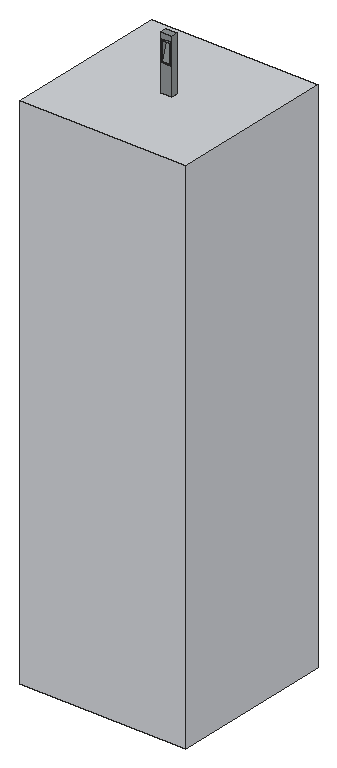
Revit family "Световой боллард Акцент", category Осветительные приборы, Revit 2018 (continued)
Definition of nested family "GALAD Акцент LED под анкер"
  Types (2, lengths in mm): name | Photometric Web File | built-in parameter 1150105 | Lumens | built-in parameter 1150106 | built-in parameter 1150142 | Wattage | ADSK_Наименование краткое | ADSK_Наименование | ADSK_Марка
    Световой боллард "Акцент" LED-15/727/YW360F  в комплекте с анкерной закладной | "Akcent LED-10.ies" | 29.16 (stored number, unit not read) | 30 lm | 0.2916 (stored number, unit not read) | "IESNA:LM-63-2002\r\n[TEST] Акцент LED-10 Боллард для ландшафтного и садовопаркового сегмента\r\n[TESTLAB] GALAD(ЛЗСИ) \r\n[ISSUEDATE] 16/12/2021\r\n[MANUFAC] GALAD \r\n[LUMCAT] Акцент LED-10 (730/RAL7040/0/900/GEN1)\r\n[LUMINAIRE] \r\n[LAMPCAT] COB 730\r\n[LAMP] LED Citizen \r\n[OTHER] CCT=3000K, CRI=70, RG1\r\nTILT=NONE\r\n1 450 1.6 91 37 1 2 0.140 0.090 0.200\r\n1 1 9\r\n0 2 4 6 8 10 12 14 16 18 20 22 24 26 28 30 32 34 36 38 40 42 44 46 48 50 52 \r\n54 56 58 60 62 64 66 68 70 72 74 76 78 80 82 84 86 88 90 92 94 96 98 100 102 \r\n104 106 108 110 112 114 116 118 120 122 124 126 128 130 132 134 136 138 140 \r\n142 144 146 148 150 152 154 156 158 160 162 164 166 168 170 172 174 176 178 \r\n180 \r\n0 5 10 15 20 25 30 35 40 45 50 55 60 65 70 75 80 85 90 95 100 105 110 115 120 \r\n125 130 135 140 145 150 155 160 165 170 175 180 \r\n0.02 0.08 0.21 0.39 0.62 2.18 8.22 21.48 67.09 248.6 394.3 415.7 417.1 413.5 \r\n422.6 428.2 430.6 429.8 425.6 418.7 408.7 397.1 383.3 368.1 351.2 333.8 315.3 \r\n296.7 277.8 259.1 240.1 222.2 204.4 187.5 171.4 156.7 142.2 128.8 116.6 105.2 \r\n94.8 85.1 76.26 67.71 59.81 52.18 46.14 42.37 39.57 38.01 36.45 34.46 31.53 \r\n28.06 25.19 22.65 20.51 18.61 16.93 15.41 14.09 12.86 11.74 10.73 9.8 8.95 8.15 \r\n7.43 6.75 6.13 5.55 5.02 4.51 4.06 3.63 3.23 2.85 2.52 2.19 1.9 1.63 1.39 1.15 \r\n0.95 0.76 0.56 0.34 0.18 0.04 0.01 0.01 \r\n0.02 0.07 0.21 0.39 0.62 2.13 8.16 21.38 65.89 245.3 398.8 422.35 424.15 420 \r\n428.05 433.5 435.6 434.25 429.7 422.3 411.9 399.7 385.4 369.7 352.5 334.8 315.85 \r\n297.05 278 259.1 239.95 222 204.2 187.3 171.15 156.35 141.85 128.4 116.25 104.75 \r\n94.35 84.6 75.74 67.14 59.24 51.67 45.71 41.97 39.17 37.65 36.09 34.11 31.17 \r\n27.75 24.93 22.43 20.34 18.48 16.83 15.33 14.04 12.82 11.73 10.73 9.81 8.96 \r\n8.18 7.47 6.79 6.17 5.59 5.06 4.55 4.1 3.67 3.27 2.89 2.55 2.22 1.93 1.65 1.4 \r\n1.17 0.96 0.77 0.56 0.34 0.18 0.04 0.01 0.01 \r\n0.02 0.08 0.21 0.4 0.62 1.95 7.78 20.39 60.19 226.5 397.95 427.4 430.4 424.2 \r\n431.3 436 437.4 435.35 429.95 421.65 410.3 397.2 382.2 365.75 348.05 329.95 \r\n310.85 292 272.95 254.15 235.2 217.6 199.95 183.3 167.5 152.95 138.65 125.3 \r\n113.35 101.95 91.7 82.05 73.12 64.6 56.79 49.47 43.92 40.35 37.66 36.26 34.78 \r\n32.9 30.04 26.84 24.2 21.86 19.88 18.1 16.53 15.1 13.85 12.68 11.61 10.64 9.74 \r\n8.91 8.14 7.45 6.78 6.17 5.59 5.07 4.57 4.12 3.69 3.29 2.91 2.57 2.24 1.95 1.67 \r\n1.41 1.17 0.97 0.77 0.56 0.34 0.17 0.04 0.01 0.01 \r\n0.02 0.07 0.21 0.38 0.62 1.6 7.05 18.43 50.74 189.6 383.75 425.15 429.2 422 \r\n425.25 428.6 428 423.75 415.9 405.4 392.05 377.65 361.65 344.8 327 309.3 290.85 \r\n272.8 254.7 236.95 219.2 202.6 186.05 170.4 155.5 141.8 128.35 115.8 104.45 \r\n93.6 83.75 74.65 66.18 58.14 50.97 44.52 39.75 36.67 34.35 33.28 32.03 30.41 \r\n27.83 25.13 22.84 20.78 19 17.38 15.94 14.6 13.43 12.32 11.32 10.4 9.53 8.74 \r\n7.99 7.32 6.68 6.09 5.53 5.01 4.53 4.09 3.66 3.27 2.89 2.56 2.23 1.93 1.66 1.4 \r\n1.17 0.96 0.76 0.54 0.33 0.17 0.04 0.01 0.01 \r\n0.02 0.07 0.2 0.38 0.61 1.12 5.93 15.47 39.51 139.7 347 411.3 417.45 411.3 406.95 \r\n405.3 399.65 391 379.85 367.25 352.65 338.05 322.3 306.4 289.75 273.45 256.7 \r\n240.3 224.05 208.15 192.2 177.3 162.5 148.5 135.1 122.85 110.8 99.55 89.4 79.7 \r\n70.9 62.8 55.44 48.64 42.69 37.59 33.79 31.5 29.77 29.15 28.2 26.94 24.92 22.87 \r\n21.04 19.32 17.8 16.38 15.1 13.89 12.83 11.81 10.89 10.01 9.2 8.47 7.76 7.12 \r\n6.5 5.93 5.41 4.91 4.43 4.01 3.6 3.21 2.85 2.52 2.2 1.91 1.64 1.39 1.16 0.95 \r\n0.75 0.52 0.31 0.15 0.03 0.01 0.01 \r\n0.02 0.06 0.19 0.37 0.58 0.9 4.63 12.23 29 88.5 266.35 357.25 366.5 362.45 354.15 \r\n347.45 338.7 329.05 317.7 306.15 293.25 280.5 266.95 253.25 239.1 225.3 211.05 \r\n197.3 183.65 170.3 157 144.6 132.25 120.65 109.65 99.5 89.5 80.2 71.85 63.9 \r\n56.85 50.4 44.69 39.53 35.22 31.32 28.41 26.81 25.6 25.22 24.5 23.48 22 20.47 \r\n19.04 17.64 16.36 15.15 14.05 12.98 12.04 11.12 10.29 9.49 8.76 8.07 7.41 6.82 \r\n6.24 5.7 5.2 4.73 4.28 3.88 3.47 3.11 2.76 2.44 2.13 1.86 1.59 1.35 1.12 0.92 \r\n0.73 0.49 0.29 0.14 0.02 0.01 0.01 \r\n0.02 0.06 0.19 0.34 0.56 0.86 3.34 9.11 20.18 48.6 137.1 207.6 221.55 222.35 \r\n218.2 214.75 209.45 204.1 198.2 192.2 185.15 177.8 170.35 162.75 154.65 146.85 \r\n138.25 130.25 122.1 114.05 106 98.55 90.9 83.7 76.7 70.25 63.85 57.85 52.55 \r\n47.45 43 38.9 35.29 32.03 29.17 26.38 24.32 23.16 22.3 21.98 21.38 20.51 19.38 \r\n18.2 17.06 15.92 14.86 13.84 12.9 11.98 11.15 10.35 9.6 8.89 8.22 7.59 6.99 \r\n6.45 5.91 5.42 4.95 4.51 4.09 3.7 3.33 2.97 2.64 2.34 2.05 1.78 1.53 1.3 1.08 \r\n0.89 0.68 0.45 0.26 0.12 0.01 0.01 0.01 \r\n0.02 0.06 0.17 0.32 0.52 0.79 2.12 6.3 13.34 26 51.8 78.45 93.05 99.15 100 98.8 \r\n97.65 96.25 94.6 92.8 90.65 88.3 85.75 82.85 79.9 76.85 73.6 70.55 67.25 63.95 \r\n60.65 57.45 54.1 50.9 47.7 44.75 41.85 39.1 36.55 34.05 31.8 29.7 27.82 25.95 \r\n24.17 22.39 21.05 20.13 19.5 19.18 18.64 17.86 16.95 15.99 15.07 14.15 13.27 \r\n12.43 11.64 10.85 10.15 9.45 8.8 8.18 7.59 7.03 6.49 6.01 5.51 5.07 4.64 4.23 \r\n3.84 3.48 3.13 2.81 2.49 2.21 1.93 1.68 1.45 1.23 1.02 0.84 0.62 0.4 0.23 0.1 \r\n0.01 0.01 0.01 \r\n0.02 0.05 0.16 0.3 0.48 0.73 1.14 4.06 8.53 15.05 25.4 39 52.9 62.05 65.3 65.4 \r\n64.6 63.6 62.45 61.1 59.55 57.9 56.05 54.15 52.15 50.25 48.25 46.35 44.45 42.6 \r\n40.7 38.95 37.2 35.5 33.9 32.4 30.85 29.4 28.1 26.7 25.45 24.25 23.09 21.89 \r\n20.72 19.57 18.64 17.85 17.35 16.99 16.44 15.72 14.92 14.11 13.32 12.55 11.81 \r\n11.1 10.43 9.77 9.16 8.56 7.99 7.45 6.93 6.44 5.97 5.52 5.09 4.68 4.29 3.92 \r\n3.57 3.24 2.92 2.62 2.33 2.07 1.8 1.57 1.35 1.15 0.96 0.78 0.54 0.34 0.19 0.08 \r\n0.01 0.01 0.01 \r\n0.02 0.05 0.14 0.27 0.43 0.64 0.95 2.35 5.14 8.85 14.3 22.15 32.9 43.65 50.8 \r\n53.45 53.25 52.25 50.9 49.4 47.75 46 44.25 42.45 40.7 39 37.35 35.8 34.3 32.9 \r\n31.45 30.15 28.95 27.8 26.65 25.65 24.65 23.65 22.7 21.8 21 20.1 19.33 18.49 \r\n17.69 16.92 16.25 15.64 15.27 14.89 14.37 13.73 13.06 12.37 11.71 11.06 10.43 \r\n9.82 9.25 8.68 8.16 7.64 7.16 6.69 6.24 5.8 5.39 5.01 4.61 4.26 3.91 3.58 3.26 \r\n2.96 2.67 2.4 2.14 1.89 1.66 1.45 1.25 1.06 0.88 0.67 0.45 0.28 0.16 0.05 0.01 \r\n0.01 0.01 \r\n0.02 0.04 0.12 0.24 0.38 0.57 0.82 1.25 2.91 5.05 8.1 12.35 18.75 27.45 36.65 \r\n42.75 45 44.65 43.4 41.9 40.1 38.35 36.6 34.95 33.3 31.75 30.3 28.9 27.65 26.4 \r\n25.2 24.15 23.15 22.2 21.35 20.55 19.75 19 18.3 17.6 16.95 16.35 15.8 15.21 \r\n14.65 14.14 13.64 13.22 12.94 12.57 12.15 11.64 11.11 10.59 10.06 9.54 9.05 \r\n8.56 8.08 7.61 7.18 6.74 6.33 5.93 5.53 5.16 4.8 4.47 4.13 3.82 3.51 3.21 2.93 \r\n2.66 2.4 2.16 1.92 1.71 1.5 1.3 1.12 0.95 0.76 0.55 0.37 0.23 0.12 0.04 0.01 \r\n0.01 0.01 \r\n0.02 0.04 0.1 0.2 0.33 0.5 0.69 1 1.55 2.8 4.4 6.55 9.8 14.7 21.4 27.9 32.35 \r\n34 33.85 32.95 31.7 30.25 28.85 27.45 26.1 24.85 23.65 22.55 21.55 20.55 19.65 \r\n18.8 18 17.25 16.6 15.95 15.35 14.75 14.25 13.75 13.3 12.85 12.48 12.07 11.71 \r\n11.36 11.02 10.73 10.51 10.2 9.86 9.49 9.11 8.73 8.34 7.95 7.58 7.21 6.84 6.47 \r\n6.13 5.78 5.45 5.12 4.8 4.49 4.18 3.9 3.62 3.34 3.08 2.82 2.58 2.35 2.12 1.9 \r\n1.7 1.51 1.32 1.15 1 0.82 0.61 0.42 0.28 0.17 0.08 0.01 0.01 0.01 0.01 \r\n0.02 0.03 0.09 0.17 0.28 0.41 0.57 0.8 1.11 1.55 2.4 3.45 5.1 7.35 10.5 14 17.35 \r\n19.7 20.8 21 20.65 20.05 19.3 18.5 17.65 16.95 16.2 15.55 14.9 14.3 13.8 13.25 \r\n12.8 12.3 11.9 11.55 11.15 10.8 10.5 10.2 9.95 9.65 9.48 9.23 9.01 8.8 8.58 \r\n8.39 8.2 7.97 7.74 7.48 7.22 6.95 6.68 6.4 6.13 5.86 5.59 5.31 5.05 4.79 4.53 \r\n4.28 4.02 3.77 3.53 3.3 3.06 2.84 2.62 2.41 2.2 2.01 1.82 1.63 1.46 1.29 1.13 \r\n0.99 0.81 0.61 0.44 0.3 0.19 0.11 0.05 0.01 0.01 0.01 0.01 \r\n0.02 0.02 0.08 0.14 0.22 0.32 0.46 0.62 0.82 1.1 1.5 2.05 2.8 3.85 5.1 6.45 \r\n7.95 9.3 10.3 10.95 11.2 11.25 11.1 10.85 10.6 10.3 9.95 9.65 9.4 9.1 8.9 8.6 \r\n8.4 8.2 8 7.9 7.7 7.55 7.4 7.25 7.1 7 6.89 6.77 6.64 6.53 6.4 6.3 6.16 6.01 \r\n5.86 5.7 5.53 5.34 5.16 4.97 4.78 4.59 4.39 4.2 4.01 3.82 3.63 3.43 3.24 3.06 \r\n2.87 2.68 2.5 2.33 2.15 1.99 1.82 1.66 1.5 1.36 1.21 1.08 0.92 0.72 0.55 0.41 \r\n0.28 0.19 0.12 0.05 0.01 0.01 0.01 0.01 0.01 \r\n0.02 0.02 0.05 0.1 0.17 0.25 0.34 0.46 0.6 0.75 1 1.25 1.65 2.05 2.6 3.15 3.75 \r\n4.35 4.9 5.3 5.6 5.8 5.9 5.95 5.9 5.9 5.8 5.7 5.65 5.55 5.5 5.4 5.35 5.3 5.2 \r\n5.15 5.1 5 5 4.9 4.85 4.8 4.78 4.72 4.66 4.6 4.53 4.47 4.41 4.32 4.23 4.12 4.01 \r\n3.9 3.79 3.66 3.54 3.41 3.29 3.15 3.02 2.88 2.75 2.62 2.48 2.35 2.2 2.08 1.93 \r\n1.81 1.67 1.54 1.42 1.3 1.18 1.07 0.89 0.72 0.56 0.43 0.32 0.23 0.15 0.09 0.05 \r\n0.01 0.01 0.01 0.01 0.01 0.01 \r\n0.02 0.02 0.04 0.06 0.12 0.17 0.23 0.31 0.41 0.5 0.6 0.75 0.95 1.15 1.35 1.55 \r\n1.85 2.05 2.3 2.5 2.7 2.8 3 3.05 3.1 3.15 3.2 3.2 3.2 3.2 3.2 3.2 3.2 3.2 3.15 \r\n3.15 3.15 3.15 3.1 3.05 3.05 3.05 3.08 3.06 3.03 3.01 2.97 2.95 2.91 2.88 2.83 \r\n2.77 2.71 2.64 2.58 2.5 2.42 2.35 2.27 2.18 2.1 2.02 1.93 1.84 1.75 1.65 1.57 \r\n1.48 1.38 1.29 1.21 1.12 1 0.85 0.69 0.56 0.44 0.34 0.26 0.19 0.13 0.09 0.05 \r\n0.03 0.01 0.01 0.01 0.01 0.01 0.01 0.01 \r\n0.02 0.02 0.02 0.04 0.06 0.09 0.12 0.18 0.22 0.3 0.35 0.45 0.5 0.6 0.7 0.75 \r\n0.85 0.95 1.05 1.15 1.25 1.35 1.4 1.45 1.5 1.55 1.6 1.6 1.65 1.65 1.7 1.7 1.7 \r\n1.75 1.75 1.75 1.75 1.75 1.75 1.75 1.75 1.75 1.75 1.75 1.74 1.73 1.72 1.71 1.7 \r\n1.68 1.65 1.62 1.6 1.57 1.53 1.49 1.46 1.41 1.37 1.32 1.27 1.23 1.18 1.12 1.08 \r\n1.02 0.96 0.89 0.8 0.7 0.61 0.51 0.42 0.34 0.27 0.21 0.16 0.12 0.09 0.06 0.04 \r\n0.03 0.02 0.02 0.01 0.01 0.01 0.01 0.01 0.01 0.01 \r\n0.02 0.02 0.02 0.02 0.02 0.03 0.04 0.05 0.08 0.1 0.1 0.1 0.2 0.2 0.25 0.25 0.3 \r\n0.35 0.35 0.35 0.45 0.45 0.45 0.45 0.55 0.55 0.55 0.55 0.6 0.65 0.65 0.65 0.65 \r\n0.65 0.65 0.65 0.65 0.65 0.7 0.65 0.7 0.7 0.71 0.71 0.71 0.71 0.7 0.7 0.7 0.69 \r\n0.69 0.68 0.67 0.65 0.65 0.63 0.62 0.61 0.58 0.57 0.55 0.53 0.51 0.49 0.47 0.44 \r\n0.41 0.38 0.34 0.29 0.25 0.21 0.17 0.14 0.11 0.09 0.06 0.05 0.04 0.03 0.03 0.02 \r\n0.02 0.01 0.01 0.01 0.01 0.01 0.01 0.02 0.01 \r\n0.02 0.02 0.02 0.02 0.02 0.02 0.02 0.02 0.02 0.1 0.1 0.1 0.2 0.2 0.25 0.25 0.3 \r\n0.35 0.35 0.35 0.45 0.45 0.45 0.45 0.55 0.55 0.55 0.55 0.6 0.65 0.65 0.65 0.65 \r\n0.65 0.65 0.62 0.61 0.61 0.66 0.61 0.66 0.66 0.02 0.02 0.03 0.02 0.02 0.03 0.02 \r\n0.02 0.02 0.03 0.02 0.02 0.02 0.03 0.03 0.01 0.02 0.03 0.02 0.01 0.01 0.01 0.02 \r\n0.01 0.01 0.01 0.01 0.01 0.01 0.01 0.01 0.02 0.01 0.01 0.02 0.01 0.01 0.01 0.02 \r\n0.01 0.01 0.01 0.01 0.01 0.01 0.01 0.01 0.01 0.01 \r\n0.02 0.02 0.02 0.02 0.02 0.02 0.02 0.02 0.02 0.1 0.1 0.1 0.2 0.2 0.25 0.25 0.3 \r\n0.35 0.35 0.35 0.45 0.45 0.45 0.45 0.55 0.55 0.55 0.55 0.6 0.65 0.65 0.65 0.65 \r\n0.65 0.65 0.59 0.58 0.57 0.62 0.58 0.62 0.62 0.01 0.02 0.02 0.02 0.01 0.02 0.01 \r\n0.01 0.01 0.01 0.01 0.02 0.02 0.02 0.01 0.01 0.02 0.01 0.01 0.01 0.01 0.01 0.01 \r\n0.01 0.02 0.02 0.02 0.01 0.01 0.01 0.02 0.01 0.01 0.01 0.02 0.01 0.01 0.01 0.01 \r\n0.01 0.01 0.01 0.01 0.01 0.01 0.01 0.01 0.01 0.01 \r\n0.02 0.02 0.02 0.02 0.02 0.02 0.02 0.02 0.02 0.1 0.1 0.1 0.2 0.2 0.25 0.25 0.3 \r\n0.35 0.35 0.35 0.45 0.45 0.45 0.45 0.55 0.55 0.55 0.55 0.6 0.65 0.65 0.65 0.65 \r\n0.65 0.65 0.56 0.54 0.54 0.59 0.54 0.58 0.58 0.02 0.02 0.02 0.02 0.01 0.01 0.02 \r\n0.02 0.02 0.01 0.02 0.02 0.02 0.02 0.02 0.02 0.02 0.01 0.01 0.02 0.01 0.02 0.01 \r\n0.01 0.02 0.02 0.01 0.01 0.01 0.01 0.02 0.01 0.02 0.01 0.01 0.02 0.01 0.01 0.01 \r\n0.02 0.01 0.01 0.02 0.01 0.01 0.01 0.01 0.01 0.01 \r\n0.02 0.02 0.02 0.02 0.02 0.02 0.02 0.02 0.02 0.1 0.1 0.1 0.2 0.2 0.25 0.25 0.3 \r\n0.35 0.35 0.35 0.45 0.45 0.45 0.45 0.55 0.55 0.55 0.55 0.6 0.65 0.65 0.65 0.65 \r\n0.65 0.65 0.53 0.51 0.5 0.55 0.5 0.55 0.55 0.02 0.02 0.02 0.02 0.02 0.02 0.02 \r\n0.02 0.02 0.02 0.02 0.02 0.02 0.02 0.02 0.02 0.02 0.02 0.02 0.02 0.02 0.02 0.01 \r\n0.01 0.01 0.01 0.01 0.01 0.02 0.01 0.02 0.02 0.01 0.02 0.02 0.02 0.02 0.02 0.02 \r\n0.01 0.02 0.02 0.01 0.02 0.02 0.01 0.01 0.01 0.01 \r\n0.02 0.02 0.02 0.02 0.01 0.02 0.02 0.02 0.01 0.1 0.1 0.1 0.2 0.2 0.25 0.25 0.3 \r\n0.35 0.35 0.35 0.45 0.45 0.45 0.45 0.55 0.55 0.55 0.55 0.6 0.65 0.65 0.65 0.65 \r\n0.65 0.65 0.5 0.47 0.46 0.51 0.47 0.51 0.51 0.02 0.02 0.02 0.02 0.02 0.02 0.02 \r\n0.02 0.02 0.02 0.02 0.02 0.02 0.02 0.02 0.02 0.02 0.02 0.02 0.02 0.02 0.02 0.02 \r\n0.02 0.02 0.01 0.02 0.02 0.01 0.02 0.02 0.02 0.02 0.02 0.02 0.02 0.02 0.02 0.02 \r\n0.02 0.02 0.02 0.02 0.02 0.02 0.01 0.01 0.01 0.01 \r\n0.02 0.02 0.02 0.02 0.02 0.02 0.01 0.02 0.02 0.1 0.1 0.1 0.2 0.2 0.25 0.25 0.3 \r\n0.35 0.35 0.35 0.45 0.45 0.45 0.45 0.55 0.55 0.55 0.55 0.6 0.65 0.65 0.65 0.65 \r\n0.65 0.65 0.46 0.44 0.42 0.47 0.43 0.47 0.47 0.02 0.02 0.02 0.02 0.02 0.02 0.02 \r\n0.02 0.02 0.02 0.02 0.02 0.02 0.02 0.02 0.02 0.02 0.02 0.02 0.02 0.02 0.02 0.02 \r\n0.02 0.02 0.02 0.02 0.02 0.02 0.02 0.02 0.02 0.02 0.02 0.02 0.02 0.02 0.03 0.03 \r\n0.03 0.03 0.03 0.03 0.02 0.01 0.01 0.01 0.01 0.01 \r\n0.02 0.02 0.02 0.01 0.02 0.02 0.02 0.02 0.02 0.1 0.1 0.1 0.2 0.2 0.25 0.25 0.3 \r\n0.35 0.35 0.35 0.45 0.45 0.45 0.45 0.55 0.55 0.55 0.55 0.6 0.65 0.65 0.65 0.65 \r\n0.65 0.65 0.43 0.4 0.38 0.44 0.39 0.43 0.43 0.03 0.03 0.03 0.03 0.03 0.03 0.03 \r\n0.02 0.03 0.03 0.02 0.03 0.03 0.02 0.02 0.02 0.02 0.02 0.02 0.02 0.02 0.02 0.02 \r\n0.02 0.02 0.02 0.02 0.02 0.02 0.02 0.02 0.02 0.02 0.02 0.03 0.03 0.03 0.03 0.03 \r\n0.03 0.03 0.03 0.03 0.02 0.02 0.01 0.01 0.01 0.01 \r\n0.02 0.02 0.02 0.02 0.02 0.02 0.02 0.02 0.02 0.1 0.1 0.1 0.2 0.2 0.25 0.25 0.3 \r\n0.35 0.35 0.35 0.45 0.45 0.45 0.45 0.55 0.55 0.55 0.55 0.6 0.65 0.65 0.65 0.65 \r\n0.65 0.65 0.4 0.37 0.35 0.4 0.36 0.39 0.39 0.03 0.03 0.03 0.03 0.03 0.03 0.03 \r\n0.03 0.03 0.03 0.03 0.03 0.03 0.03 0.03 0.03 0.03 0.02 0.03 0.03 0.02 0.02 0.02 \r\n0.02 0.02 0.02 0.02 0.02 0.02 0.02 0.03 0.03 0.03 0.03 0.03 0.03 0.04 0.04 0.04 \r\n0.04 0.04 0.04 0.03 0.03 0.02 0.01 0.01 0.01 0.01 \r\n0.02 0.02 0.02 0.02 0.01 0.01 0.02 0.02 0.02 0.1 0.1 0.1 0.2 0.2 0.25 0.25 0.3 \r\n0.35 0.35 0.35 0.45 0.45 0.45 0.45 0.55 0.55 0.55 0.55 0.6 0.65 0.65 0.65 0.65 \r\n0.65 0.65 0.37 0.33 0.31 0.36 0.32 0.35 0.35 0.03 0.03 0.03 0.03 0.03 0.03 0.03 \r\n0.03 0.03 0.03 0.03 0.03 0.03 0.03 0.03 0.03 0.03 0.03 0.03 0.03 0.03 0.03 0.03 \r\n0.03 0.02 0.03 0.02 0.02 0.02 0.03 0.03 0.03 0.03 0.04 0.04 0.04 0.05 0.05 0.05 \r\n0.05 0.05 0.04 0.03 0.03 0.03 0.01 0.01 0.01 0.01 \r\n0.02 0.02 0.01 0.02 0.01 0.01 0.02 0.02 0.01 0.1 0.1 0.1 0.2 0.2 0.25 0.25 0.3 \r\n0.35 0.35 0.35 0.45 0.45 0.45 0.45 0.55 0.55 0.55 0.55 0.6 0.65 0.65 0.65 0.65 \r\n0.65 0.65 0.34 0.3 0.27 0.32 0.28 0.31 0.31 0.03 0.03 0.04 0.04 0.04 0.04 0.04 \r\n0.04 0.04 0.04 0.04 0.04 0.04 0.04 0.04 0.04 0.04 0.04 0.03 0.03 0.03 0.03 0.03 \r\n0.03 0.03 0.03 0.03 0.03 0.03 0.04 0.04 0.04 0.05 0.05 0.05 0.06 0.06 0.06 0.06 \r\n0.05 0.05 0.05 0.04 0.03 0.02 0.01 0.01 0.01 0.01 \r\n0.02 0.02 0.02 0.02 0.01 0.01 0.02 0.02 0.02 0.1 0.1 0.1 0.2 0.2 0.25 0.25 0.3 \r\n0.35 0.35 0.35 0.45 0.45 0.45 0.45 0.55 0.55 0.55 0.55 0.6 0.65 0.65 0.65 0.65 \r\n0.65 0.65 0.31 0.26 0.23 0.29 0.25 0.27 0.27 0.04 0.04 0.04 0.05 0.04 0.05 0.05 \r\n0.05 0.05 0.05 0.05 0.05 0.05 0.05 0.05 0.05 0.05 0.05 0.05 0.05 0.04 0.04 0.04 \r\n0.04 0.04 0.03 0.04 0.04 0.04 0.05 0.05 0.06 0.06 0.07 0.07 0.07 0.07 0.07 0.07 \r\n0.06 0.05 0.05 0.04 0.03 0.03 0.01 0.01 0.01 0.01 \r\n0.02 0.01 0.01 0.02 0.01 0.01 0.02 0.02 0.01 0.1 0.1 0.1 0.2 0.2 0.25 0.25 0.3 \r\n0.35 0.35 0.35 0.45 0.45 0.45 0.45 0.55 0.55 0.55 0.55 0.6 0.65 0.65 0.65 0.65 \r\n0.65 0.65 0.28 0.22 0.19 0.25 0.21 0.23 0.23 0.04 0.05 0.05 0.05 0.05 0.05 0.05 \r\n0.06 0.06 0.06 0.06 0.06 0.06 0.06 0.06 0.06 0.06 0.06 0.06 0.06 0.06 0.05 0.05 \r\n0.05 0.05 0.05 0.05 0.05 0.06 0.06 0.07 0.08 0.08 0.08 0.08 0.08 0.08 0.08 0.07 \r\n0.07 0.06 0.05 0.04 0.03 0.03 0.01 0.01 0.01 0.01 \r\n0.02 0.01 0.01 0.01 0.02 0.01 0.01 0.02 0.01 0.1 0.1 0.1 0.2 0.2 0.25 0.25 0.3 \r\n0.35 0.35 0.35 0.45 0.45 0.45 0.45 0.55 0.55 0.55 0.55 0.6 0.65 0.65 0.65 0.65 \r\n0.65 0.65 0.25 0.19 0.15 0.21 0.17 0.2 0.2 0.05 0.05 0.06 0.06 0.06 0.06 0.07 \r\n0.07 0.08 0.08 0.08 0.08 0.08 0.08 0.09 0.08 0.08 0.09 0.08 0.08 0.08 0.07 0.07 \r\n0.07 0.06 0.06 0.06 0.06 0.07 0.08 0.09 0.09 0.09 0.09 0.09 0.09 0.09 0.08 0.08 \r\n0.07 0.06 0.05 0.04 0.03 0.03 0.02 0.01 0.01 0.01 \r\n0.02 0.01 0.02 0.01 0.02 0.02 0.01 0.
      02 0.01 0.1 0.1 0.1 0.2 0.2 0.25 0.25 0.3 \r\n0.35 0.35 0.35 0.45 0.45 0.45 0.45 0.55 0.55 0.55 0.55 0.6 0.65 0.65 0.65 0.65 \r\n0.65 0.65 0.22 0.15 0.12 0.17 0.14 0.16 0.16 0.05 0.06 0.06 0.07 0.07 0.08 0.08 \r\n0.09 0.09 0.09 0.1 0.1 0.1 0.1 0.1 0.1 0.1 0.1 0.1 0.1 0.09 0.09 0.09 0.09 0.08 \r\n0.08 0.08 0.08 0.09 0.09 0.1 0.1 0.1 0.1 0.1 0.1 0.09 0.09 0.08 0.07 0.06 0.05 \r\n0.04 0.03 0.03 0.02 0.01 0.01 0.01 \r\n0.02 0.02 0.01 0.01 0.01 0.01 0.01 0.02 0.01 0.1 0.1 0.1 0.2 0.2 0.25 0.25 0.3 \r\n0.35 0.35 0.35 0.45 0.45 0.45 0.45 0.55 0.55 0.55 0.55 0.6 0.65 0.65 0.65 0.65 \r\n0.65 0.65 0.19 0.12 0.1 0.14 0.1 0.12 0.12 0.06 0.07 0.08 0.08 0.09 0.09 0.1 \r\n0.1 0.11 0.11 0.12 0.12 0.12 0.12 0.12 0.12 0.12 0.12 0.12 0.12 0.12 0.11 0.11 \r\n0.1 0.09 0.09 0.09 0.09 0.1 0.1 0.11 0.12 0.12 0.12 0.11 0.1 0.1 0.09 0.09 0.08 \r\n0.06 0.05 0.04 0.03 0.03 0.02 0.02 0.01 0.01 \r\n0.02 0.02 0.01 0.01 0.01 0.01 0.01 0.01 0.01 0.1 0.1 0.1 0.2 0.2 0.25 0.25 0.3 \r\n0.35 0.35 0.35 0.45 0.45 0.45 0.45 0.55 0.55 0.55 0.55 0.6 0.65 0.65 0.65 0.65 \r\n0.65 0.65 0.19 0.1 0.1 0.12 0.1 0.1 0.1 0.07 0.08 0.08 0.09 0.1 0.1 0.11 0.11 \r\n0.12 0.12 0.13 0.13 0.14 0.14 0.14 0.14 0.14 0.14 0.14 0.14 0.13 0.13 0.12 0.12 \r\n0.1 0.1 0.1 0.1 0.12 0.12 0.13 0.13 0.14 0.13 0.13 0.12 0.11 0.1 0.09 0.08 0.06 \r\n0.05 0.04 0.03 0.03 0.02 0.02 0.01 0.01 \r\n0.02 0.02 0.01 0.02 0.01 0.01 0.01 0.02 0.01 0.1 0.1 0.1 0.2 0.2 0.25 0.25 0.3 \r\n0.35 0.35 0.35 0.45 0.45 0.45 0.45 0.55 0.55 0.55 0.55 0.6 0.65 0.65 0.65 0.65 \r\n0.65 0.65 0.19 0.1 0.1 0.1 0.1 0.1 0.1 0.08 0.09 0.09 0.1 0.1 0.11 0.12 0.12 \r\n0.13 0.14 0.14 0.14 0.15 0.15 0.15 0.16 0.15 0.15 0.15 0.15 0.14 0.14 0.13 0.12 \r\n0.11 0.11 0.11 0.11 0.12 0.13 0.14 0.14 0.15 0.15 0.14 0.13 0.12 0.11 0.09 0.09 \r\n0.07 0.05 0.04 0.03 0.03 0.02 0.02 0.01 0.01 \r\n0.02 0.01 0.01 0.02 0.01 0.01 0.01 0.02 0.01 0.1 0.1 0.1 0.2 0.2 0.25 0.25 0.3 \r\n0.35 0.35 0.35 0.45 0.45 0.45 0.45 0.55 0.55 0.55 0.55 0.6 0.65 0.65 0.65 0.65 \r\n0.65 0.65 0.19 0.1 0.1 0.1 0.1 0.1 0.1 0.08 0.09 0.09 0.1 0.11 0.12 0.13 0.13 \r\n0.14 0.14 0.15 0.15 0.16 0.16 0.16 0.17 0.16 0.16 0.16 0.15 0.15 0.14 0.14 0.13 \r\n0.12 0.11 0.11 0.11 0.13 0.14 0.15 0.15 0.16 0.16 0.15 0.14 0.13 0.12 0.1 0.09 \r\n0.07 0.05 0.04 0.03 0.03 0.02 0.02 0.01 0.01 \r\n0.02 0.02 0.02 0.01 0.01 0.01 0.02 0.02 0.01 0.1 0.1 0.1 0.2 0.2 0.25 0.25 0.3 \r\n0.35 0.35 0.35 0.45 0.45 0.45 0.45 0.55 0.55 0.55 0.55 0.6 0.65 0.65 0.65 0.65 \r\n0.65 0.65 0.19 0.1 0.1 0.1 0.1 0.1 0.1 0.08 0.09 0.1 0.1 0.11 0.12 0.13 0.14 \r\n0.14 0.15 0.15 0.16 0.16 0.16 0.17 0.16 0.17 0.16 0.16 0.16 0.15 0.15 0.14 0.13 \r\n0.12 0.11 0.11 0.11 0.13 0.14 0.15 0.16 0.16 0.16 0.16 0.15 0.13 0.12 0.1 0.08 \r\n0.07 0.05 0.03 0.03 0.03 0.02 0.02 0.02 0.01 \r\n" | 0.201963 W | "\"Акцент\" LED-15/727/YW360F" | "Световой боллард \"Акцент\" LED-15/727/YW360F  в комплекте с анкерной закладной" | "Световой боллард \"Акцент\" LED-15/727/YW360F  в комплекте с анкерной закладной"
